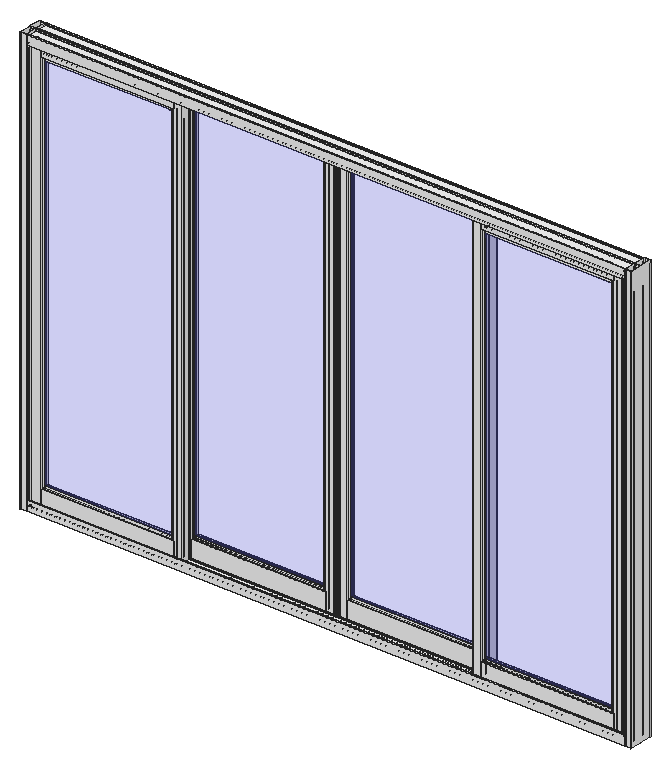
Revit family "Palace_Multi_OXXO_Custom", category Doors, host Wall, Revit 2014
Parameters (values of type "Palace_OXXO_Custom")
  Windload Design = if(Custom Windload < 1001 mm, 1000 mm, if(Custom Windload < 1501 mm, 1500 mm, 2000 mm))  # 1000 mm
  Width Sash Side [instance] = 750.5 mm
  Width Sash Middle [instance] = 750.5 mm
  Width = if(Custom Door Width < Limit Door Width Min, Limit Door Width Min, if(Custom Door Width > Limit Door Width Max, Limit Door Width Max, Custom Door Width))  # 2990 mm
  Wall Thickness [instance] = 200 mm
  URL = "http://www.crealco.co.za/crealco-products.php"
  Model = "Palace"  # constant formula
  Manufacturer = "Crealco"  # constant formula
  Description = "High performance sliding door, OXXO custom"  # constant formula
  Custom U Value [instance] = 0
  Thermal Resistance (R) [instance] = if(and(Custom U Value > 0.5678, 1 / Custom U Value < 36.9087), Custom U Value, if(not(Custom U Value > 0.5678), 1 / 0.5679, 1 / 36.9086)) * 1.0000 (m²·K)/W  # 1.76087 (m²·K)/W
  Solar Heat Gain Coefficient [instance] = if(and(not(Custom SHGC Value < 0), not(Custom SHGC Value > 1)), Custom SHGC Value, if(Custom U Value < 0, 0, 1))  # 0
  Single Glazing [instance] = not(Double Glazing)  # yes
  Sash Width Middle = (Width - (Sash Side Gap * 2) - (2 * Sash Width Sides)) / 2 + 39 mm  # 750.5 mm
  Sash Width Sides = if(Equal Sash Width, (Width - (2 * Sash Side Gap)) / 4 + (39 mm / 2), if(Custom Sash Width Side < Limit Sash Width Side Min, Limit Sash Width Side Min, if(Custom Sash Width Side > Limit Sash Width Side Max, Limit Sash Width Side Max, Custom Sash Width Side)))  # 750.5 mm
  Sash Sliding Frame Front Back Gap = 9.5 mm  # constant formula
  Sash Height = Height - Sash Bottom Gap - Sash Top Gap  # 2031 mm
  Sash Top Gap = 28 mm  # constant formula
  Sash Side Gap = 33 mm  # constant formula
  Sash Frame Seal = 2.7 mm  # constant formula
  Sash Bottom Gap = 31 mm  # constant formula
  Overall Width [instance] = 2990 mm
  Overall Height [instance] = 2090 mm
  Meeting Stile Configuration = if(Windload Design = 1000 mm, if(and(not(Width > 3590 mm), not(Height > 2090 mm)), 0 mm, 1 mm), if(Windload Design = 1500 mm, 1 mm, 1 mm))  # 0 mm
  Max System DG Unit Thickness = 25 mm  # constant formula
  Max System DG One Piece Thickness = rounddown((Max System DG Unit Thickness - DG Air Gap Thickness) / 2 mm) * 1 mm  # 6 mm
  Max Pane Area = if(Area Middle Sash Glazing > Area Side Sash Glazing, Area Middle Sash Glazing, Area Side Sash Glazing)  # 1.20798 m²
  Limit Door Width Min = (4 * Limit Sash Width Min) + (2 * Sash Side Gap) - (2 * 39 mm)  # 1188 mm
  Limit Door Width Max = if(Windload Design = 1000 mm, 5990 mm, if(Windload Design = 1500 mm, 5990 mm, if(Height > 2090 mm, 4790 mm, 5990 mm)))  # 5990 mm
  Limit Door Height Min = Limit Sash Height Min + Sash Top Gap + Sash Bottom Gap  # 359 mm
  Limit Door Height Max = 2390 mm  # constant formula
  Limit Sash Width Min = 300 mm  # constant formula
  Limit Sash Width Max = 1500 mm  # constant formula
  Limit Sash Width Side Min = if((Width - (2 * Sash Side Gap) - (2 * Limit Sash Width Max) + (2 * 39 mm)) / 2 < Limit Sash Width Min, Limit Sash Width Min, (Width - (Sash Side Gap * 2) - (2 * Limit Sash Width Max) + (2 * 39 mm)) / 2)  # 300 mm
  Limit Sash Width Side Max = if((Width - (2 * Sash Side Gap) - (2 * Limit Sash Width Min) + (2 * 39 mm)) / 2 > Limit Sash Width Max, Limit Sash Width Max, (Width - (Sash Side Gap * 2) - (2 * Limit Sash Width Min) + (2 mm * 39)) / 2)  # 1201 mm
  Limit Sash Height Min = 300 mm  # constant formula
  Limit Sash Height Max = 2400 mm  # constant formula
  Custom SHGC Value [instance] = 0
  Interlock Configuration = if(Windload Design = 1000 mm, if(and(not(Width > 3590 mm), not(Height > 2090 mm)), 0 mm, 1 mm), if(Windload Design = 1500 mm, 1 mm, 1 mm))  # 0 mm
  IGDB or SAGDB Number [instance] = 0
  Height Sash [instance] = 2031 mm
  Height = if(Custom Door Height < Limit Door Height Min, Limit Door Height Min, if(Custom Door Height > Limit Door Height Max, Limit Door Height Max, Custom Door Height))  # 2090 mm
  Heat Transfer Coefficient (U) [instance] = if(and(Custom U Value > 0.5678, Custom U Value < 36.9087), Custom U Value, if(not(Custom U Value > 0.5678), 0.5679, 36.9086)) * 1.0000 W/(m²·K)  # 0.5679 W/(m²·K)
  Glazing Thickness DG [instance] = if(IGDB or SAGDB Number = 105003, 6 mm, if(IGDB or SAGDB Number = 105004, 7 mm, if(DG Thickness Calc > Max System DG One Piece Thickness, Max System DG One Piece Thickness, DG Thickness Calc)))  # 6 mm
  Glazing Thickness SG [instance] = if(IGDB or SAGDB Number = 1000016, 5 mm, if(IGDB or SAGDB Number = 100100, 6 mm, if(IGDB or SAGDB Number = 103200, 7 mm, if(not(Max Pane Area > 0.75 m²), 4 mm, if(not(Max Pane Area > 1.50 m²), 4 mm, if(not(Max Pane Area > 2.10 m²), 5 mm, if(not(Max Pane Area > 2.90 m²), 6.4 mm, if(not(Max Pane Area > 4.30 m²), 8 mm, 10 mm))))))))  # 4 mm
  Glazing Material [instance] = if(IGDB or SAGDB Number = 1000016, "PFG TOUGHENED SAFETY GLASS 5mm", if(IGDB or SAGDB Number = 100100, "PFG INTRUDERPRUFE 6.38mm", if(IGDB or SAGDB Number = 103200, "PFG INTRUDERPRUFE LOW-E 7.38mm", if(IGDB or SAGDB Number = 105003, "PFG 25mm INTRUDERPRUFE INSULATED GLASS", if(IGDB or SAGDB Number = 105004, "PFG 25mm INTRUDERPRUFE INSULATED GLASS LOW-E", "Unknown")))))  # "Unknown"
  Glazing Finish [instance] = Glass
  Glazing Code [instance] = if(IGDB or SAGDB Number = 1000016, "TSG5", if(IGDB or SAGDB Number = 100100, "LAM01", if(IGDB or SAGDB Number = 103200, "LAM01E", if(IGDB or SAGDB Number = 105003, "IGU25", if(IGDB or SAGDB Number = 105004, "IGU25E", "Unknown")))))  # "Unknown"
  Frame Thickness = 118 mm  # constant formula
  Frame Offset From Exterior [instance] = if(Centered In Wall, (Wall Thickness - Frame Thickness) / 2, Custom Frame Offset From Exterior)  # 41 mm
  Equal Sash Width = yes
  Double Glazing Gasket Material = Double Glazing Gasket Material
  Double Glazing [instance] = no
  Default Sill Height = 0 mm  # constant formula
  Wall Closure = By host
  DG Thickness Calc = if(not(Max Pane Area > 1.125 m²), 6 mm, if(not(Max Pane Area > 2.25 m²), 6 mm, if(not(Max Pane Area > 3.15 m²), 6 mm, if(not(Max Pane Area > 4.35 m²), 6 mm, if(not(Max Pane Area > 6.45 m²), 8 mm, 10 mm)))))  # 6 mm
  DG Air Gap Thickness = 12 mm  # constant formula
  Custom Door Width = 2990 mm
  Custom Door Height = 2090 mm
  Custom Windload = 1000 mm
  Custom Sash Width Side = 800 mm
  Custom Frame Offset From Exterior = 0 mm
  Centered In Wall = yes
  Area Middle Sash Glazing = (Sash Width Middle - 65 mm - 45 mm) * (Sash Height - 90 mm - 55 mm)  # 1.20798 m²
  Area Side Sash Glazing = (Sash Width Sides - 65 mm - 45 mm) * (Sash Height - 90 mm - 55 mm)  # 1.20798 m²
  Aluminium Finish [instance] = White Powder Coated Aluminium ANP 1052
  All Available Glazing Numbers [instance] = "The rows below list the available glazing materials for this window:"  # constant formula
  105004 [instance] = "IGU25E"  # constant formula
  105003 [instance] = "IGU25"  # constant formula
  103200 [instance] = "LAM01E"  # constant formula
  100100 [instance] = "LAM01"  # constant formula
  1000016 [instance] = "TSG5"  # constant formula
Reference planes
  plane 1 "Center (Front/Back)": y = 0
  plane 2 "Center (Left/Right)": x = 0
  plane 3 "Left": x = -1495
  plane 4 "Right": x = 1495
  plane 5 "Sill": z = 0
  plane 6 "Head": z = 2090
  plane 7 "Exterior": y = 100
  plane 8 "Interior": y = -100
Lines and regions (mm)
  Opening 1
    outline origin (3500, -100, 0) x (1, 0, 0) y (0, 0, 1)
      loop
        line (-2005, 0) -> (-2005, 2090) -> (-4995, 2090) -> (-4995, 0) -> (-2005, 0)
Text (mm)
  text "EXTERIOR" at (-1963.203, 1332.353, 0), in view "Ref. Level"
  text "INTERIOR" at (-1981.466, -818.386, 0), in view "Ref. Level"
  text "Exterior" at (0, 923.751, 2943.296), in view "Right"
  text "Exterior" at (0, 1040.484, 2685.409), in view "Left"
Dimensions and locks
  equal spacing: plane 3 "Left", plane 2 "Center (Left/Right)", plane 4 "Right"
  "Width": plane 3 "Left" to plane 4 "Right"
  "Height": plane 5 "Sill" to plane 6 "Head"
  "Default Sill Height": plane 5 "Sill" to level
  locked: plane 7 "Exterior" to host wall at 0
  locked: plane 8 "Interior" to host wall
  "Overall Height": plane 6 "Head" to plane 5 "Sill"
  "Overall Width": plane 3 "Left" to plane 4 "Right"
  "Frame Offset From Exterior": nested 1 to plane 7 "Exterior"
  "Sash Side Gap": plane 3 "Left" to nested 2
  "Sash Frame Seal": nested 2 to nested 1
  "Sash Side Gap": nested 3 to plane 4 "Right"
  "Sash Frame Seal": nested 1 to nested 3
  "Sash Top Gap": nested 2 to plane 6 "Head"
  "Sash Top Gap": nested 3 to plane 6 "Head"
  "Sash Sliding Frame Front Back Gap": nested 4 to nested 1
  "Sash Top Gap": nested 4 to plane 6 "Head"
  "Sash Sliding Frame Front Back Gap": nested 1 to nested 5
  "Width Sash Side": nested 3 to nested 3
  "Height Sash": nested 3 to nested 3
  "Width Sash Middle": nested 5 to nested 5
  aligned and locked: plane 3 "Left" to nested 1
  aligned and locked: plane 6 "Head" to nested 1
  aligned and locked: nested 4 to nested 3
  aligned and locked: nested 5 to nested 2
Automatic sketch dimensions
  plane 3 "Left" to Opening 1 sketch curve = 0 mm
  plane 4 "Right" to Opening 1 sketch curve = 0 mm
  Opening 1 sketch curve to plane 5 "Sill" = 0 mm
  Opening 1 sketch curve to plane 6 "Head" = 0 mm
Nested families
  nested 1: "Palace_Frame_Palace_OXXO_Cust" at (-1503.868, -56.684, -7.5), Profile Material <- "Aluminium Finish", Width <- "Width", Height <- "Height", type "Palace_Frame_Palace_OXXO_Cust"
    with Width 2990 mm, Profile Material White Powder Coated Aluminium ANP 1052, Length Jamb Adaptor 1995 mm, Length Jamb 2090 mm, Length Head & Sill 2930 mm, Length Floor Track 2930 mm, Height 2090 mm
  nested 2: "Palace_Sash_Fixed_Palace_OXXO_Cust" at (-711.5, -5.5, 31), Profile Material <- "Aluminium Finish", Glazing Material <- "Glazing Finish", Double Glazing Gasket Material <- "Double Glazing Gasket Material", Interlock Configuration <- "Interlock Configuration", Sash Width <- "Sash Width Sides", Sash Height <- "Sash Height", Glazing Thickness DG <- "Glazing Thickness DG", Glazing Thickness SG <- "Glazing Thickness SG", DG Gasket Thickness <- "DG Air Gap Thickness", Double Glazing <- "Double Glazing", type "Palace_Sash_Fixed_Palace_OXXO_Cust"
    with Standard Interlocker yes, Single Glazing yes, Sash Width 750.5 mm, Sash Height 2031 mm, SG Exterior Offset 27.85 mm, Right Sliding no, Profile Material White Powder Coated Aluminium ANP 1052, Length Sash Head & Sill 650.5 mm, Length Jamb 2031 mm, Left Sliding no, Is Sliding no, Interlock Configuration 0 mm, Heavy Duty Interlock no, Glazing Width 640.5 mm, Glazing Thickness SG 4 mm, Glazing Thickness DG 6 mm, Glazing Material Glass, Glazing Height 1886 mm, Double Glazing Gasket Material Double Glazing Gasket Material, Double Glazing no, DG Gasket Thickness 12 mm, DG Exterior Offset 9.9 mm, Bead Width 650.5 mm, Bead Height 1896 mm
  nested 3: "Palace_Sash_Fixed_Palace_OXXO_Cust" at (711.5, -5.5, 31) x (-1, 0, 0) z (0, 0, 1), Profile Material <- "Aluminium Finish", Glazing Material <- "Glazing Finish", Double Glazing Gasket Material <- "Double Glazing Gasket Material", Interlock Configuration <- "Interlock Configuration", Sash Width <- "Sash Width Sides", Sash Height <- "Sash Height", Glazing Thickness DG <- "Glazing Thickness DG", Glazing Thickness SG <- "Glazing Thickness SG", DG Gasket Thickness <- "DG Air Gap Thickness", Double Glazing <- "Double Glazing", type "Palace_Sash_Fixed_Palace_OXXO_Cust"
    with Standard Interlocker yes, Single Glazing yes, Sash Width 750.5 mm, Sash Height 2031 mm, SG Exterior Offset 27.85 mm, Right Sliding no, Profile Material White Powder Coated Aluminium ANP 1052, Length Sash Head & Sill 650.5 mm, Length Jamb 2031 mm, Left Sliding no, Is Sliding no, Interlock Configuration 0 mm, Heavy Duty Interlock no, Glazing Width 640.5 mm, Glazing Thickness SG 4 mm, Glazing Thickness DG 6 mm, Glazing Material Glass, Glazing Height 1886 mm, Double Glazing Gasket Material Double Glazing Gasket Material, Double Glazing no, DG Gasket Thickness 12 mm, DG Exterior Offset 9.9 mm, Bead Width 650.5 mm, Bead Height 1896 mm
  nested 4: "Palace_Sash_Meeting_Palace_OXXO_Cust" at (751.5, 49.5, 31), Profile Material <- "Aluminium Finish", Glazing Material <- "Glazing Finish", Double Glazing Gasket Material <- "Double Glazing Gasket Material", Interlock Configuration <- "Interlock Configuration", Sash Width <- "Sash Width Middle", Sash Height <- "Sash Height", Glazing Thickness DG <- "Glazing Thickness DG", Glazing Thickness SG <- "Glazing Thickness SG", DG Gasket Thickness <- "DG Air Gap Thickness", Meeting Stile Configuration <- "Meeting Stile Configuration", Double Glazing <- "Double Glazing", type "Palace_Sash_Meeting_Palace_OXXO_Cust"
    with Standard Interlocker yes, Standard Astragal yes, Single Glazing yes, Sash Width 750.5 mm, Sash Height 2031 mm, SG Exterior Offset 27.85 mm, Right Sliding yes, Profile Material White Powder Coated Aluminium ANP 1052, Meeting Stile Configuration 0 mm, Length Sash Head & Sill 660.5 mm, Length Jamb & Interlocker 2031 mm, Left Sliding no, Is Sliding yes, Interlock Configuration 0 mm, Heavy Duty Interlock no, Heavy Duty Astragal no, Has Astragal yes, Glazing Width 650.5 mm, Glazing Thickness SG 4 mm, Glazing Thickness DG 6 mm, Glazing Material Glass, Glazing Height 1886 mm, Double Glazing Gasket Material Double Glazing Gasket Material, Double Glazing no, DG Gasket Thickness 12 mm, DG Exterior Offset 9.9 mm, Bead Width 660.5 mm, Bead Height 1896 mm
  nested 5: "Palace_Sash_Meeting_Palace_OXXO_Cust" at (-751.5, 49.5, 31) x (-1, 0, 0) z (0, 0, 1), Profile Material <- "Aluminium Finish", Glazing Material <- "Glazing Finish", Double Glazing Gasket Material <- "Double Glazing Gasket Material", Interlock Configuration <- "Interlock Configuration", Sash Width <- "Sash Width Middle", Sash Height <- "Sash Height", Glazing Thickness DG <- "Glazing Thickness DG", Glazing Thickness SG <- "Glazing Thickness SG", DG Gasket Thickness <- "DG Air Gap Thickness", Meeting Stile Configuration <- "Meeting Stile Configuration", Double Glazing <- "Double Glazing", type "Palace_Sash_Meeting_Palace_OXXO_Cust"
    with Standard Interlocker yes, Standard Astragal no, Single Glazing yes, Sash Width 750.5 mm, Sash Height 2031 mm, SG Exterior Offset 27.85 mm, Right Sliding yes, Profile Material White Powder Coated Aluminium ANP 1052, Meeting Stile Configuration 0 mm, Length Sash Head & Sill 660.5 mm, Length Jamb & Interlocker 2031 mm, Left Sliding no, Is Sliding yes, Interlock Configuration 0 mm, Heavy Duty Interlock no, Heavy Duty Astragal no, Has Astragal no, Glazing Width 650.5 mm, Glazing Thickness SG 4 mm, Glazing Thickness DG 6 mm, Glazing Material Glass, Glazing Height 1886 mm, Double Glazing Gasket Material Double Glazing Gasket Material, Double Glazing no, DG Gasket Thickness 12 mm, DG Exterior Offset 9.9 mm, Bead Width 660.5 mm, Bead Height 1896 mm
  nested 6: "Single_Glazing_Palace_OXXO_Cust" at (-1397, -37.35, 121) x (-1, 0, 0) z (0, 0, 1), type "Single_Glazing_Palace_OXXO_Cust"
    with Right Sliding no, Length Arrow Tip 54.535 mm, Length Arrow 179.967 mm, Left Sliding no, Is Sliding no, Glazing Width 640.5 mm, Glazing Thickness SG 4 mm, Glazing Material Glass, Glazing Height 1886 mm, Double Glazing Gasket Material Double Glazing Gasket Material, Arrow Tip Length 54.535 mm, Arrow Left Gap 230.267 mm, Arrow Bottom Gap 943 mm
  nested 7: "Single_Glazing_Palace_OXXO_Cust" at (1397, -37.35, 121), type "Single_Glazing_Palace_OXXO_Cust"
    with Right Sliding no, Length Arrow Tip 54.535 mm, Length Arrow 179.967 mm, Left Sliding no, Is Sliding no, Glazing Width 640.5 mm, Glazing Thickness SG 4 mm, Glazing Material Glass, Glazing Height 1886 mm, Double Glazing Gasket Material Double Glazing Gasket Material, Arrow Tip Length 54.535 mm, Arrow Left Gap 230.267 mm, Arrow Bottom Gap 943 mm
  nested 8: "Single_Glazing_Palace_OXXO_Cust" at (56, 17.65, 121) x (-1, 0, 0) z (0, 0, 1), type "Single_Glazing_Palace_OXXO_Cust"
    with Right Sliding yes, Length Arrow Tip 55.545 mm, Length Arrow 183.3 mm, Left Sliding no, Is Sliding yes, Glazing Width 650.5 mm, Glazing Thickness SG 4 mm, Glazing Material Glass, Glazing Height 1886 mm, Double Glazing Gasket Material Double Glazing Gasket Material, Arrow Tip Length 55.545 mm, Arrow Left Gap 233.6 mm, Arrow Bottom Gap 943 mm
  nested 9: "Single_Glazing_Palace_OXXO_Cust" at (-56, 17.65, 121), type "Single_Glazing_Palace_OXXO_Cust"
    with Right Sliding yes, Length Arrow Tip 55.545 mm, Length Arrow 183.3 mm, Left Sliding no, Is Sliding yes, Glazing Width 650.5 mm, Glazing Thickness SG 4 mm, Glazing Material Glass, Glazing Height 1886 mm, Double Glazing Gasket Material Double Glazing Gasket Material, Arrow Tip Length 55.545 mm, Arrow Left Gap 233.6 mm, Arrow Bottom Gap 943 mm
Definition of nested family "Palace_Frame_Palace_OXXO_Cust"
  Parameters (values of type "Palace_Frame_OXXO")
    Width [instance] = 900 mm
    Profile Material [instance] = none
    Length Jamb Adaptor [instance] = Height - Jamb Adaptor Top Gap - Jamb Adaptor Bottom Gap  # 505 mm
    Length Jamb [instance] = Height  # 600 mm
    Length Head & Sill [instance] = Width - (2 * Jamb Thickness)  # 840 mm
    Length Floor Track [instance] = Width - (2 * Jamb Thickness)  # 840 mm
    Jamb Thickness = 30 mm  # constant formula
    Jamb Adaptor Top Gap = 45 mm  # constant formula
    Jamb Adaptor Bottom Gap = 50 mm  # constant formula
    Height [instance] = 600 mm
  Reference planes
    plane 1 "Center (Front/Back)": y = 0
    plane 2: z = 0
    plane 3 "Center (Left/Right)": x = 0
  Dimensions and locks
    nested 7 to plane 3 "Center (Left/Right)" = 38.869 mm
    aligned and locked: level to plane 2
    aligned and locked: nested 2 to nested 6
    aligned and locked: nested 5 to nested 1  (x2)
    aligned and locked: nested 3 to nested 1  (x2)
    aligned and locked: nested 2 to nested 3  (x2)
    aligned and locked: nested 3 to nested 2
    aligned and locked: nested 4 to nested 1  (x3)
    aligned and locked: nested 1 to nested 3
    aligned and locked: nested 7 to nested 3  (x2)
    aligned and locked: nested 3 to nested 8
    aligned and locked: nested 8 to nested 3  (x2)
    aligned and locked: nested 3 to nested 7
    aligned and locked: nested 5 to nested 4
    aligned and locked: nested 6 to nested 4
    aligned and locked: nested 6 to nested 2
  Nested families
    nested 1: "Palace_Double_Box_Jamb" at (1.053, -8.811, 7.5), Length Jamb <- "Length Jamb", Profile Material <- "Profile Material", type "Palace_Double_Box_Jamb"
      with Profile Material none, Length Jamb 600 mm
    nested 2: "Palace_Double_Box_Jamb" at (916.684, -8.811, 7.5) x (-1, 0, 0) z (0, 0, 1), Length Jamb <- "Length Jamb", Profile Material <- "Profile Material", type "Palace_Double_Box_Jamb"
      with Profile Material none, Length Jamb 600 mm
    nested 3: "Palace_Double_Sill_Rail" at (38.869, -45.047, -36.227), Length Sill <- "Length Head & Sill", Profile Material <- "Profile Material", type "Palace_Double_Sill_Rail"
      with Profile Material none, Length Sill 840 mm
    nested 4: "Palace_Double_Head_Rail" at (38.869, -51.007, 18.108), Length Head <- "Length Head & Sill", Profile Material <- "Profile Material", type "Palace_Double_Head_Rail"
      with Profile Material none, Length Head 840 mm
    nested 5: "Palace_Jamb_Adpator" at (33.82, -10.517, 57.5), Length Jamb Adaptor <- "Length Jamb Adaptor", Profile Material <- "Profile Material", type "Palace_Jamb_Adpator"
      with Profile Material none, Length Jamb Adaptor 505 mm
    nested 6: "Palace_Jamb_Adpator" at (883.918, -10.517, 57.5) x (-1, 0, 0) z (0, 0, 1), Length Jamb Adaptor <- "Length Jamb Adaptor", Profile Material <- "Profile Material", type "Palace_Jamb_Adpator"
      with Profile Material none, Length Jamb Adaptor 505 mm
    nested 7: "Palace_Floor_Track" at (38.869, 11.493, 18.85), Profile Material <- "Profile Material", Length Floor Track <- "Length Floor Track", type "Palace_Floor_Track"
      with Profile Material none, Length Floor Track 840 mm
    nested 8: "Palace_Floor_Track" at (38.869, 101.375, 18.85), Profile Material <- "Profile Material", Length Floor Track <- "Length Floor Track", type "Palace_Floor_Track"
      with Profile Material none, Length Floor Track 840 mm
  Definition of nested family "Palace_Double_Box_Jamb"
    Parameters (values of type "Palace_Double_Box_Jamb")
      Profile Material [instance] = none
      Length Jamb [instance] = 250 mm
    Reference planes
      plane 1 "Center (Front/Back)": y = 0
      plane 2: z = 0
      plane 3 "Center (Left/Right)": x = 0
    Forms (mm)
      Extrusion 1, solid, material <- "Profile Material"
        sketch origin (0, 0, 0) x (1, 0, 0) y (0, 1, 0)
          loop
            line (35.815, 71.242) -> (35.815, 114.749)
            arc (35.815, 114.749) -> (35.945, 115.42) -> (36.315, 115.994) r 1.8
            line (36.315, 115.994) -> (36.315, 122.995) -> (9.315, 122.995) -> (9.315, 66.195) -> (36.315, 66.195) -> (36.315, 69.997)
            arc (36.315, 69.997) -> (35.945, 70.571) -> (35.815, 71.242) r 1.8
          loop
            line (8.815, 6.495) -> (38.815, 6.495) -> (38.815, 7.495) -> (37.816, 7.495) -> (37.816, 15.287) -> (37.315, 16.242) -> (37.315, 59.822) -> (37.815, 60.775) -> (37.815, 70.288) -> (37.315, 71.242) -> (37.315, 114.822) -> (37.815, 115.775) -> (37.815, 123.495) -> (38.815, 123.495) -> (38.815, 124.495) -> (8.815, 124.495)
            arc (8.815, 124.495) -> (8.108, 124.202) -> (7.815, 123.495) r 1
            line (7.815, 123.495) -> (7.815, 7.495)
            arc (7.815, 7.495) -> (8.108, 6.788) -> (8.815, 6.495) r 1
          loop
            line (36.315, 60.994) -> (36.315, 64.795) -> (9.315, 64.795) -> (9.315, 7.995) -> (36.317, 7.995) -> (36.317, 14.995)
            arc (36.317, 14.995) -> (35.945, 15.569) -> (35.815, 16.242) r 1.8
            line (35.815, 16.242) -> (35.815, 59.749)
            arc (35.815, 59.749) -> (35.945, 60.42) -> (36.315, 60.994) r 1.8
        from 0 to 250 <- "Length Jamb"
    Dimensions and locks
      aligned and locked: level to plane 2
  Definition of nested family "Palace_Double_Sill_Rail"
    Parameters (values of type "Palace_Double_Sill_Rail")
      Profile Material [instance] = none
      Length Sill [instance] = 250 mm
    Reference planes
      plane 1 "Center (Front/Back)": y = 0
      plane 2: z = 0
      plane 3 "Center (Left/Right)": x = 0
    Forms (mm)
      Extrusion 1, solid, material <- "Profile Material"
        sketch origin (0, 0, 0) x (0, 1, 0) y (0, 0, 1)
          loop
            arc (48.531, 91.477) -> (49.031, 90.977) -> (49.531, 91.477) r 0.5
            line (49.531, 91.477) -> (49.531, 93.727) -> (43.731, 93.727) -> (43.731, 43.727) -> (49.531, 43.727) -> (49.531, 45.127) -> (45.531, 45.127) -> (45.531, 64.882)
            arc (45.531, 64.882) -> (45.842, 65.607) -> (46.583, 65.88) r 1
            line (46.583, 65.88) -> (57.096, 65.329)
            arc (57.096, 65.329) -> (58.577, 64.647) -> (59.181, 63.132) r 2.2
            line (59.181, 63.132) -> (59.181, 60.472)
            arc (59.181, 60.472) -> (59.796, 58.987) -> (61.281, 58.372) r 2.1
            line (61.281, 58.372) -> (83.695, 58.372)
            arc (83.695, 58.372) -> (84.71, 57.86) -> (85.831, 57.672) r 3.787
            line (85.831, 57.672) -> (87.581, 57.672)
            arc (87.581, 57.672) -> (89.961, 58.613) -> (91.165, 60.872) r 3.711
            line (91.165, 60.872) -> (100.931, 60.872) -> (100.931, 45.137) -> (98.931, 45.137) -> (98.931, 43.737) -> (104.531, 43.737) -> (104.531, 45.137) -> (102.531, 45.137) -> (102.531, 60.872) -> (114.181, 60.872) -> (114.181, 58.372) -> (138.695, 58.372)
            arc (138.695, 58.372) -> (139.71, 57.86) -> (140.831, 57.672) r 3.787
            line (140.831, 57.672) -> (142.581, 57.672)
            arc (142.581, 57.672) -> (144.881, 58.544) -> (146.13, 60.663) r 3.711
            line (146.13, 60.663) -> (157.931, 60.045) -> (157.931, 45.127) -> (153.931, 45.127) -> (153.931, 43.727) -> (159.731, 43.727) -> (159.731, 59.57)
            arc (159.731, 59.57) -> (159.099, 61.154) -> (157.551, 61.867) r 2.3
            line (157.551, 61.867) -> (142.481, 62.657) -> (142.481, 61.672) -> (144.38, 61.337)
            arc (144.38, 61.337) -> (143.876, 60.022) -> (142.581, 59.472) r 1.8
            line (142.581, 59.472) -> (140.831, 59.472)
            arc (140.831, 59.472) -> (140.037, 59.656) -> (139.406, 60.172) r 1.8
            line (139.406, 60.172) -> (115.981, 60.172) -> (115.981, 62.672) -> (87.481, 62.672) -> (87.481, 61.672) -> (89.38, 61.337)
            arc (89.38, 61.337) -> (88.876, 60.022) -> (87.581, 59.472) r 1.8
            line (87.581, 59.472) -> (85.831, 59.472)
            arc (85.831, 59.472) -> (85.037, 59.656) -> (84.406, 60.172) r 1.8
            line (84.406, 60.172) -> (60.981, 60.172) -> (60.981, 63.132)
            arc (60.981, 63.132) -> (59.882, 65.886) -> (57.19, 67.127) r 4
            line (57.19, 67.127) -> (46.478, 67.688)
            arc (46.478, 67.688) -> (45.805, 67.999) -> (45.531, 68.687) r 1
            line (45.531, 68.687) -> (45.531, 83.727) -> (49.531, 83.727) -> (49.531, 85.977)
            arc (49.531, 85.977) -> (49.031, 86.477) -> (48.531, 85.977) r 0.5
            line (48.531, 85.977) -> (48.531, 84.977) -> (47.331, 84.977) -> (47.331, 86.477) -> (45.731, 86.477) -> (45.731, 90.977) -> (47.331, 90.977) -> (47.331, 92.477) -> (48.531, 92.477) -> (48.531, 91.477)
        from 0 to 250 <- "Length Sill"
    Dimensions and locks
      aligned and locked: level to plane 2
  Definition of nested family "Palace_Double_Head_Rail"
    Parameters (values of type "Palace_Double_Head_Rail")
      Profile Material [instance] = none
      Length Head [instance] = 250 mm
    Reference planes
      plane 1 "Center (Front/Back)": y = 0
      plane 2: z = 0
      plane 3 "Center (Left/Right)": x = 0
    Forms (mm)
      Extrusion 1, solid, material <- "Profile Material"
        sketch origin (0, 0, 0) x (0, 1, 0) y (0, 0, 1)
          loop
            arc (51.891, 581.192) -> (51.467, 581.368) -> (51.291, 581.792) r 0.6
            line (51.291, 581.792) -> (51.291, 587.392)
            arc (51.291, 587.392) -> (51.467, 587.816) -> (51.891, 587.992) r 0.6
            line (51.891, 587.992) -> (55.491, 587.992) -> (55.491, 589.392) -> (49.691, 589.392) -> (49.691, 544.392) -> (55.491, 544.392) -> (55.491, 546.642)
            arc (55.491, 546.642) -> (54.991, 547.142) -> (54.491, 546.642) r 0.5
            line (54.491, 546.642) -> (54.491, 545.642) -> (53.291, 545.642) -> (53.291, 547.142) -> (51.691, 547.142) -> (51.691, 551.642) -> (53.291, 551.642) -> (53.291, 553.142) -> (54.491, 553.142) -> (54.491, 552.142)
            arc (54.491, 552.142) -> (54.991, 551.642) -> (55.491, 552.142) r 0.5
            line (55.491, 552.142) -> (55.491, 554.392) -> (51.491, 554.392) -> (51.491, 579.392) -> (106.791, 579.392) -> (106.791, 554.392) -> (104.891, 554.392) -> (104.891, 552.142)
            arc (104.891, 552.142) -> (105.391, 551.642) -> (105.891, 552.142) r 0.5
            line (105.891, 552.142) -> (105.891, 553.142) -> (107.091, 553.142) -> (107.091, 545.642) -> (105.891, 545.642) -> (105.891, 546.642)
            arc (105.891, 546.642) -> (105.391, 547.142) -> (104.891, 546.642) r 0.5
            line (104.891, 546.642) -> (104.891, 544.392) -> (110.491, 544.392) -> (110.491, 546.642)
            arc (110.491, 546.642) -> (109.991, 547.142) -> (109.491, 546.642) r 0.5
            line (109.491, 546.642) -> (109.491, 545.642) -> (108.291, 545.642) -> (108.291, 553.142) -> (109.491, 553.142) -> (109.491, 552.142)
            arc (109.491, 552.142) -> (109.991, 551.642) -> (110.491, 552.142) r 0.5
            line (110.491, 552.142) -> (110.491, 554.392) -> (108.591, 554.392) -> (108.591, 579.392) -> (163.891, 579.392) -> (163.891, 554.392) -> (159.891, 554.392) -> (159.891, 552.142)
            arc (159.891, 552.142) -> (160.391, 551.642) -> (160.891, 552.142) r 0.5
            line (160.891, 552.142) -> (160.891, 553.142) -> (162.091, 553.142) -> (162.091, 551.642) -> (163.691, 551.642) -> (163.691, 547.142) -> (162.091, 547.142) -> (162.091, 545.642) -> (160.891, 545.642) -> (160.891, 546.642)
            arc (160.891, 546.642) -> (160.391, 547.142) -> (159.891, 546.642) r 0.5
            line (159.891, 546.642) -> (159.891, 544.392) -> (165.691, 544.392) -> (165.691, 589.392) -> (159.891, 589.392) -> (159.891, 587.992) -> (163.491, 587.992)
            arc (163.491, 587.992) -> (163.915, 587.816) -> (164.091, 587.392) r 0.6
            line (164.091, 587.392) -> (164.091, 581.792)
            arc (164.091, 581.792) -> (163.915, 581.368) -> (163.491, 581.192) r 0.6
            line (163.491, 581.192) -> (108.491, 581.192) -> (108.491, 587.992) -> (110.491, 587.992) -> (110.491, 589.392) -> (104.891, 589.392) -> (104.891, 587.992) -> (106.891, 587.992) -> (106.891, 581.192) -> (51.891, 581.192)
        from 0 to 250 <- "Length Head"
    Dimensions and locks
      aligned and locked: level to plane 2
  Definition of nested family "Palace_Jamb_Adpator"
    Parameters (values of type "Palace_Jamb_Adpator")
      Profile Material [instance] = none
      Length Jamb Adaptor [instance] = 250 mm
    Reference planes
      plane 1 "Center (Front/Back)": y = 0
      plane 2: z = 0
      plane 3 "Center (Left/Right)": x = 0
    Forms (mm)
      Extrusion 1, solid, material <- "Profile Material"
        sketch origin (0, 0, 0) x (1, 0, 0) y (0, 1, 0)
          loop
            line (12.699, 15.001) -> (10.449, 15.001) -> (10.449, 10.801) -> (6.449, 10.801) -> (6.449, 68.601) -> (10.449, 68.601) -> (10.449, 64.401) -> (12.699, 64.401)
            arc (12.699, 64.401) -> (13.199, 64.901) -> (12.699, 65.401) r 0.5
            line (12.699, 65.401) -> (11.699, 65.401) -> (11.699, 66.601) -> (13.199, 66.601) -> (13.199, 68.201) -> (17.699, 68.201) -> (17.699, 66.601) -> (19.199, 66.601) -> (19.199, 65.401) -> (18.199, 65.401)
            arc (18.199, 65.401) -> (17.699, 64.901) -> (18.199, 64.401) r 0.5
            line (18.199, 64.401) -> (20.449, 64.401) -> (20.449, 70.201) -> (5.049, 70.201) -> (5.049, 62.201) -> (4.589, 61.255) -> (4.589, 17.997) -> (5.049, 17.201) -> (5.049, 9.201) -> (20.449, 9.201) -> (20.449, 15.001) -> (18.199, 15.001)
            arc (18.199, 15.001) -> (17.699, 14.501) -> (18.199, 14.001) r 0.5
            line (18.199, 14.001) -> (19.199, 14.001) -> (19.199, 12.801) -> (17.699, 12.801) -> (17.699, 11.201) -> (13.199, 11.201) -> (13.199, 12.801) -> (11.699, 12.801) -> (11.699, 14.001) -> (12.699, 14.001)
            arc (12.699, 14.001) -> (13.199, 14.501) -> (12.699, 15.001) r 0.5
        from 0 to 250 <- "Length Jamb Adaptor"
    Lines and regions (mm)
      Filled region 1, type "W31590.dwg-1", in view "Ref. Level"
        outline origin (0, 0, 0) x (1, 0, 0) y (0, 1, 0)
          loop
            line (1485.097, 203.54) -> (1485.514, 201.04) -> (1485.931, 203.54) -> (1485.097, 203.54)
      Filled region 2, type "W31590.dwg-1", in view "Ref. Level"
        outline origin (0, 0, 0) x (1, 0, 0) y (0, 1, 0)
          loop
            line (1485.097, 213.94) -> (1485.931, 213.94) -> (1485.514, 216.44) -> (1485.097, 213.94)
      Filled region 3, type "W31590.dwg-1", in view "Ref. Level"
        outline origin (0, 0, 0) x (1, 0, 0) y (0, 1, 0)
          loop
            line (1498.155, 225.975) -> (1495.655, 225.559) -> (1498.155, 225.142) -> (1498.155, 225.975)
      Filled region 4, type "W31590.dwg-1", in view "Ref. Level"
        outline origin (0, 0, 0) x (1, 0, 0) y (0, 1, 0)
          loop
            line (1554.155, 225.975) -> (1554.155, 225.142) -> (1556.655, 225.559) -> (1554.155, 225.975)
    Text (mm)
      text "15.40" at (1483.014, 228.748, 0), in view "Ref. Level"
      text "61.00" at (1526.155, 228.059, 0), in view "Ref. Level"
    Dimensions and locks
      aligned and locked: level to plane 2
  Definition of nested family "Palace_Floor_Track"
    Parameters (values of type "Palace_Floor_Track")
      Profile Material [instance] = none
      Length Floor Track [instance] = 250 mm
    Reference planes
      plane 1 "Center (Front/Back)": y = 0
      plane 2: z = 0
      plane 3 "Center (Left/Right)": x = 0
    Forms (mm)
      Extrusion 1, solid, material <- "Profile Material"
        sketch origin (0, 0, 0) x (0, 1, 0) y (0, 0, 1)
          loop
            line (14.691, 12.348) -> (14.691, 7.595) -> (4.441, 7.595) -> (4.441, 5.095) -> (30.441, 5.095) -> (30.441, 7.595) -> (20.191, 7.595) -> (20.191, 12.348)
            arc (20.191, 12.348) -> (17.441, 15.098) -> (14.691, 12.348) r 2.75
        from 0 to 250 <- "Length Floor Track"
    Dimensions and locks
      aligned and locked: level to plane 2
Definition of nested family "Palace_Sash_Fixed_Palace_OXXO_Cust"
  Parameters (values of type "Palace_Sash_Fixed")
    Standard Interlocker [instance] = if(Interlock Configuration = 0 mm, 1 = 1, 1 = 0)  # no
    Single Glazing [instance] = not(Double Glazing)  # yes
    Sill Height = 85 mm
    SG Exterior Offset [instance] = Back Glazing Pillar Gap - SG Available Space + ((SG Available Space - Glazing Thickness SG) / 2)  # 27.85 mm
    SG Available Space = 12.9 mm  # constant formula
    Length Jamb [instance] = Sash Height  # 900 mm
    Jamb Width = 60 mm  # constant formula
    Heavy Duty Interlock [instance] = if(or(Interlock Configuration = 1 mm, Interlock Configuration = 2 mm), 1 = 1, 1 = 0)  # yes
    Interlocker Width = 40 mm  # constant formula
    Interlock Configuration [instance] = 1 mm
    Sash Width [instance] = 900 mm
    Sash Height [instance] = 900 mm
    Right Sliding [instance] = yes
    Profile Material [instance] = White Powder Coated Aluminium ANP 1052
    Length Sash Head & Sill [instance] = Sash Width - Interlocker Width - Jamb Width  # 800 mm
    Left Sliding [instance] = yes
    Is Sliding [instance] = if(or(Right Sliding, Left Sliding), 1 = 1, 1 = 2)  # yes
    Head Height = 50 mm  # constant formula
    Glazing Width [instance] = Sash Width - Glazing Jamb Gap - Glazing Interlocker Gap  # 790 mm
    Glazing Thickness DG [instance] = 3 mm
    Glazing Thickness SG [instance] = 4 mm
    Glazing Spacer = 5 mm  # constant formula
    Glazing Sill Gap = Sill Height + Glazing Spacer  # 90 mm
    Glazing Material [instance] = Glass
    Glazing Jamb Gap = Jamb Width + Glazing Spacer  # 65 mm
    Glazing Interlocker Gap = Interlocker Width + Glazing Spacer  # 45 mm
    Glazing Height [instance] = Sash Height - Glazing Head Gap - Glazing Sill Gap  # 755 mm
    Glazing Head Gap = Head Height + Glazing Spacer  # 55 mm
    DG Gasket Thickness [instance] = 12 mm
    Double Glazing Gasket Material [instance] = none
    Double Glazing [instance] = no
    DG Exterior Offset [instance] = Back Glazing Pillar Gap - DG Available Space + ((DG Available Space - ((Glazing Thickness DG * 2) + DG Gasket Thickness)) / 2)  # 12.9 mm
    DG Available Space = 28.8 mm  # constant formula
    Bead Width [instance] = Sash Width - Interlocker Width - Jamb Width  # 800 mm
    Bead Height [instance] = Sash Height - Sill Height - Head Height  # 765 mm
    Bead Gap From Exterior = 10.4 mm  # constant formula
    Back Glazing Pillar Gap = 36.3 mm  # constant formula
  Reference planes
    plane 1 "Center (Front/Back)": y = 0
    plane 2: z = 0
    plane 3 "Center (Left/Right)": x = 0
  Dimensions and locks
    "Interlocker Width": nested 3 to plane 3 "Center (Left/Right)"
    "Interlocker Width": nested 4 to plane 3 "Center (Left/Right)"
    "Sash Height": nested 4 to level
    "Interlocker Width": nested 5 to plane 3 "Center (Left/Right)"
    "Sill Height": nested 5 to level
    "Bead Gap From Exterior": nested 5 to plane 1 "Center (Front/Back)"
    "Interlocker Width": nested 6 to plane 3 "Center (Left/Right)"
    "Bead Gap From Exterior": nested 6 to plane 1 "Center (Front/Back)"
    "Sill Height": nested 6 to level
    "Glazing Interlocker Gap": nested 7 to plane 3 "Center (Left/Right)"
    "Glazing Sill Gap": nested 7 to level
    "SG Exterior Offset": nested 7 to plane 1 "Center (Front/Back)"
    "Glazing Interlocker Gap": nested 8 to plane 3 "Center (Left/Right)"
    "DG Exterior Offset": nested 8 to plane 1 "Center (Front/Back)"
    "Glazing Sill Gap": nested 8 to level
    "Sash Width": nested 2 to plane 3 "Center (Left/Right)"
    aligned and locked: level to plane 2
    aligned and locked: nested 1 to plane 1 "Center (Front/Back)"
    aligned and locked: plane 3 "Center (Left/Right)" to nested 1
    aligned and locked: nested 2 to plane 1 "Center (Front/Back)"
    aligned and locked: nested 2 to level
    aligned and locked: nested 1 to level
    aligned and locked: nested 3 to plane 1 "Center (Front/Back)"
    aligned and locked: nested 4 to plane 1 "Center (Front/Back)"
    aligned and locked: nested 3 to level
    aligned and locked: nested 9 to plane 1 "Center (Front/Back)"
    aligned and locked: plane 3 "Center (Left/Right)" to nested 9
    aligned and locked: nested 9 to level
  Nested families
    nested 1: "Palace_Fixed_Interlocker" at (-70.171, -62.024, 0), Profile Material <- "Profile Material", Length Interlocker <- "Length Jamb", visible <- "Standard Interlocker", type "Palace_Fixed_Interlocker"
      with Profile Material White Powder Coated Aluminium ANP 1052, Length Interlocker 900 mm
    nested 2: "Palace_Sash_Jamb" at (-904.68, 15.626, 0) x (0, -1, 0) z (0, 0, 1), Profile Material <- "Profile Material", Length Jamb <- "Length Jamb", type "Palace_Sash_Jamb"
      with Profile Material White Powder Coated Aluminium ANP 1052, Length Jamb 900 mm
    nested 3: "Palace_Sash_Sill" at (-840, -51.791, -7.573), Profile Material <- "Profile Material", Length Sill <- "Length Sash Head & Sill", type "Palace_Sash_Sill"
      with Profile Material White Powder Coated Aluminium ANP 1052, Length Sill 800 mm
    nested 4: "Palace_Sash_Head" at (-840, -69.85, 642.265), Length Head <- "Length Sash Head & Sill", Profile Material <- "Profile Material", type "Palace_Sash_Head"
      with Profile Material White Powder Coated Aluminium ANP 1052, Length Head 800 mm
    nested 5: "Palace_Angled_Glazing_Bead" at (-40, -23.399, 85) x (-1, 0, 0) z (0, 0, 1), Bead Width <- "Bead Width", Bead Height <- "Bead Height", Profile Material <- "Profile Material", visible <- "Single Glazing", type "Palace_Angled_Glazing_Bead"
      with Profile Material White Powder Coated Aluminium ANP 1052, Bead Width 800 mm, Bead Height 765 mm
    nested 6: "Palace_Double_Glazing_Bead" at (-40, -26.3, 85) x (-1, 0, 0) z (0, 0, 1), Bead Width <- "Bead Width", Bead Height <- "Bead Height", Profile Material <- "Profile Material", visible <- "Double Glazing", type "Palace_Double_Glazing_Bead"
      with Profile Material White Powder Coated Aluminium ANP 1052, Bead Width 800 mm, Bead Height 765 mm
    nested 7: "Single_Glazing_Palace_OXXO_Cust" at (-835, -31.85, 90) x (-1, 0, 0) z (0, 0, 1), Right Sliding <- "Right Sliding", Left Sliding <- "Left Sliding", Glazing Width <- "Glazing Width", Glazing Height <- "Glazing Height", Double Glazing Gasket Material <- "Double Glazing Gasket Material", Glazing Material <- "Glazing Material", Glazing Thickness SG <- "Glazing Thickness SG", visible <- "Single Glazing", type "Single_Glazing_Palace_OXXO_Cust"
      with Right Sliding yes, Length Arrow Tip 69.636 mm, Length Arrow 229.8 mm, Left Sliding yes, Is Sliding yes, Glazing Width 790 mm, Glazing Thickness SG 4 mm, Glazing Material Glass, Glazing Height 755 mm, Double Glazing Gasket Material none, Arrow Tip Length 69.636 mm, Arrow Left Gap 280.1 mm, Arrow Bottom Gap 377.5 mm
    nested 8: "Double_Glazing_Palace_OXXO_Cust" at (-835, -30.9, 90) x (-1, 0, 0) z (0, 0, 1), Glazing Width <- "Glazing Width", Glazing Height <- "Glazing Height", Glazing Material <- "Glazing Material", Double Glazing Gasket Material <- "Double Glazing Gasket Material", Double Glazing Gasket Thickness <- "DG Gasket Thickness", Glazing Thickness DG <- "Glazing Thickness DG", visible <- "Double Glazing", Right Sliding <- "Right Sliding", Left Sliding <- "Left Sliding", type "Double_Glazing_Palace_OXXO_Cust"
      with Right Sliding yes, Length Arrow Tip 69.636 mm, Length Arrow 229.8 mm, Left Sliding yes, Is Sliding yes, Glazing Width 790 mm, Glazing Thickness DG 3 mm, Glazing Material Glass, Glazing Height 755 mm, Double Glazing Gasket Thickness 12 mm, Double Glazing Gasket Material none, Arrow Tip Length 69.636 mm, Arrow Left Gap 280.1 mm, Arrow Bottom Gap 377.5 mm
    nested 9: "Palace_Heavy_Duty_Fixed_Interlocker" at (-63.697, -103.267, 0), Length Interlocker <- "Length Jamb", visible <- "Heavy Duty Interlock", type "Palace_Heavy_Duty_Fixed_Interlocker"
      with Length Interlocker 900 mm
  Definition of nested family "Palace_Fixed_Interlocker"
    Parameters (values of type "Palace_Fixed_Interlocker")
      Profile Material [instance] = none
      Length Interlocker [instance] = 250 mm
    Reference planes
      plane 1 "Center (Front/Back)": y = 0
      plane 2: z = 0
      plane 3 "Center (Left/Right)": x = 0
    Forms (mm)
      Extrusion 1, solid, material <- "Profile Material"
        sketch origin (0, 0, 0) x (1, 0, 0) y (0, 1, 0)
          loop
            line (67.671, 64.71) -> (67.671, 62.024) -> (30.171, 62.024) -> (30.171, 52.332)
            arc (30.171, 52.332) -> (30.649, 51.833) -> (31.169, 52.289) r 0.5
            line (31.169, 52.289) -> (31.277, 53.524) -> (32.771, 53.524) -> (32.771, 35.024) -> (31.408, 35.024) -> (31.169, 37.759)
            arc (31.169, 37.759) -> (30.649, 38.214) -> (30.171, 37.715) r 0.5
            line (30.171, 37.715) -> (30.171, 24.824) -> (19.271, 24.824) -> (18.571, 24.424) -> (16.371, 24.424) -> (16.371, 25.724) -> (15.171, 25.724) -> (15.171, 23.024) -> (30.171, 23.024) -> (30.171, 18.024) -> (68.371, 18.024)
            arc (68.371, 18.024) -> (69.643, 18.551) -> (70.171, 19.824) r 1.8
            line (70.171, 19.824) -> (70.171, 62.024) -> (70.171, 69.324)
            arc (70.171, 69.324) -> (69.731, 70.384) -> (68.671, 70.824) r 1.5
            line (68.671, 70.824) -> (67.171, 70.824)
            arc (67.171, 70.824) -> (66.671, 70.324) -> (67.171, 69.824) r 0.5
            line (67.171, 69.824) -> (67.971, 69.824) -> (67.971, 68.624) -> (60.871, 68.624) -> (60.871, 69.824) -> (61.671, 69.824)
            arc (61.671, 69.824) -> (62.171, 70.324) -> (61.671, 70.824) r 0.5
            line (61.671, 70.824) -> (58.671, 70.824) -> (58.071, 70.324) -> (48.771, 70.324)
            arc (48.771, 70.324) -> (48.172, 69.766) -> (48.687, 69.13) r 0.6
            line (48.687, 69.13) -> (65.95, 66.691)
            arc (65.95, 66.691) -> (67.181, 66.022) -> (67.671, 64.71) r 2
          loop
            line (33.171, 33.224) -> (31.971, 33.224) -> (31.971, 19.824) -> (68.371, 19.824) -> (68.371, 60.024) -> (31.971, 60.024) -> (31.971, 55.324) -> (33.171, 55.324)
            arc (33.171, 55.324) -> (34.161, 54.914) -> (34.571, 53.924) r 1.4
            line (34.571, 53.924) -> (34.571, 34.624)
            arc (34.571, 34.624) -> (34.161, 33.634) -> (33.171, 33.224) r 1.4
        from 0 to 250 <- "Length Interlocker"
    Dimensions and locks
      aligned and locked: level to plane 2
  Definition of nested family "Palace_Sash_Jamb"
    Parameters (values of type "Palace_Sash_Jamb")
      Profile Material [instance] = none
      Length Jamb [instance] = 250 mm
    Reference planes
      plane 1 "Center (Front/Back)": y = 0
      plane 2: z = 0
      plane 3 "Center (Left/Right)": x = 0
    Forms (mm)
      Extrusion 1, solid, material <- "Profile Material"
        sketch origin (0, 0, 0) x (1, 0, 0) y (0, 1, 0)
          loop
            arc (15.626, 6.48) -> (16.153, 5.207) -> (17.426, 4.68) r 1.8
            line (17.426, 4.68) -> (57.821, 4.68)
            arc (57.821, 4.68) -> (59.094, 5.207) -> (59.621, 6.48) r 1.8
            line (59.621, 6.48) -> (59.621, 64.68) -> (54.626, 64.68) -> (54.626, 79.68) -> (51.926, 79.68) -> (51.926, 78.48) -> (53.226, 78.48) -> (53.226, 76.28) -> (52.826, 75.58) -> (52.826, 64.68) -> (39.934, 64.68)
            arc (39.934, 64.68) -> (39.435, 64.202) -> (39.891, 63.682) r 0.5
            line (39.891, 63.682) -> (42.626, 63.443) -> (42.626, 62.08) -> (24.126, 62.08) -> (24.126, 63.574) -> (25.361, 63.682)
            arc (25.361, 63.682) -> (25.817, 64.202) -> (25.317, 64.68) r 0.5
            line (25.317, 64.68) -> (15.626, 64.68) -> (15.626, 6.48)
          loop
            line (57.821, 6.48) -> (57.821, 9.88) -> (54.822, 9.88) -> (54.822, 11.079) -> (57.821, 11.079) -> (57.821, 62.88) -> (44.426, 62.88) -> (44.426, 61.68)
            arc (44.426, 61.68) -> (44.016, 60.69) -> (43.026, 60.28) r 1.4
            line (43.026, 60.28) -> (23.726, 60.28)
            arc (23.726, 60.28) -> (22.736, 60.69) -> (22.326, 61.68) r 1.4
            line (22.326, 61.68) -> (22.326, 62.88) -> (17.426, 62.88) -> (17.426, 11.079) -> (20.425, 11.079) -> (20.425, 9.88) -> (17.426, 9.88) -> (17.426, 6.48) -> (57.821, 6.48)
        from 0 to 250 <- "Length Jamb"
    Dimensions and locks
      aligned and locked: level to plane 2
  Definition of nested family "Palace_Sash_Sill"
    Parameters (values of type "Palace_Sash_Sill")
      Profile Material [instance] = none
      Length Sill [instance] = 250 mm
      Cutout Width = 15 mm  # constant formula
    Reference planes
      plane 1 "Center (Front/Back)": y = 0
      plane 2: z = 0
      plane 3 "Center (Left/Right)": x = 0
    Forms (mm)
      Extrusion 1, solid, material <- "Profile Material"
        sketch origin (0, 0, 0) x (0, 1, 0) y (0, 0, 1)
          loop
            line (7.791, 7.573) -> (9.591, 7.573) -> (9.591, 9.573) -> (12.691, 9.573) -> (12.691, 11.173) -> (9.581, 11.173) -> (9.581, 23.69) -> (10.091, 24.653) -> (10.091, 27.573) -> (49.486, 27.573) -> (49.486, 24.587) -> (50.041, 23.54) -> (50.041, 11.173) -> (46.891, 11.173) -> (46.891, 9.573) -> (49.991, 9.573) -> (49.991, 7.573) -> (51.791, 7.573) -> (51.791, 92.573) -> (42.095, 92.573)
            arc (42.095, 92.573) -> (41.595, 92.095) -> (42.051, 91.575) r 0.5
            line (42.051, 91.575) -> (43.286, 91.467) -> (43.286, 89.973) -> (24.786, 89.973) -> (24.786, 91.335) -> (27.521, 91.575)
            arc (27.521, 91.575) -> (27.977, 92.095) -> (27.477, 92.573) r 0.5
            line (27.477, 92.573) -> (14.586, 92.573) -> (14.586, 103.473) -> (14.186, 104.173) -> (14.186, 106.373) -> (15.486, 106.373) -> (15.486, 107.573) -> (12.786, 107.573) -> (12.786, 92.573) -> (7.791, 92.573) -> (7.791, 7.573)
          loop
            line (9.581, 90.773) -> (9.581, 29.373) -> (50, 29.373) -> (50, 90.773) -> (45.086, 90.773) -> (45.086, 89.573)
            arc (45.086, 89.573) -> (44.676, 88.583) -> (43.686, 88.173) r 1.4
            line (43.686, 88.173) -> (24.386, 88.173)
            arc (24.386, 88.173) -> (23.396, 88.583) -> (22.986, 89.573) r 1.4
            line (22.986, 89.573) -> (22.986, 90.773) -> (9.581, 90.773)
        from 0 to 250 <- "Length Sill"
      Extrusion 2, void
        sketch origin (0, 0, 0) x (1, 0, 0) y (0, 1, 0)
          loop
            line (0, 15.486) -> (0, 12.786) -> (15, 12.786) -> (15, 15.486) -> (0, 15.486)
          loop
            line (235, 15.486) -> (235, 12.786) -> (250, 12.786) -> (250, 15.486) -> (235, 15.486)
        from 0 to 250
    Cuts and joins
      Extrusion 2 cuts Extrusion 1
    Dimensions and locks
      "Cutout Width": Extrusion 1 to Extrusion 2 sketch curve
      "Cutout Width": Extrusion 2 sketch curve to Extrusion 1
      aligned and locked: level to plane 2
      aligned and locked: Extrusion 2 sketch curve to Extrusion 1  (x6)
    Automatic sketch dimensions
      Extrusion 1 sketch curve to plane 1 "Center (Front/Back)" = 7.791 mm
      Extrusion 1 sketch curve to plane 1 "Center (Front/Back)" = 9.581 mm
      Extrusion 1 sketch curve to Extrusion 1 sketch curve = 0 mm
      Extrusion 1 sketch curve to Extrusion 1 sketch curve = 0.01 mm
      Extrusion 1 sketch curve to Extrusion 1 sketch curve = 0.51 mm
      Extrusion 1 sketch curve to Extrusion 1 sketch curve = 3.11 mm
      Extrusion 1 sketch curve to Extrusion 1 sketch curve = 3.205 mm
      Extrusion 1 sketch curve to Extrusion 1 sketch curve = 1.4 mm  (x3)
      Extrusion 1 sketch curve to Extrusion 1 sketch curve = 1.8 mm  (x4)
      Extrusion 1 sketch curve to Extrusion 1 sketch curve = 1.3 mm
      Extrusion 1 sketch curve to Extrusion 1 sketch curve = 8.4 mm
      Extrusion 1 sketch curve to Extrusion 1 sketch curve = 0.4 mm  (x3)
      Extrusion 1 sketch curve to Extrusion 1 sketch curve = 2.691 mm
      Extrusion 1 sketch curve to Extrusion 1 sketch curve = 0.044 mm  (x2)
      Extrusion 1 sketch curve to Extrusion 1 sketch curve = 14.53 mm
      Extrusion 1 sketch curve to Extrusion 1 sketch curve = 1.235 mm
      level to Extrusion 1 sketch curve = 9.573 mm
      Extrusion 1 sketch curve to Extrusion 1 sketch curve = 34.2 mm
      Extrusion 1 sketch curve to Extrusion 1 sketch curve = 2.596 mm
      Extrusion 1 sketch curve to Extrusion 1 sketch curve = 3.1 mm
      Extrusion 1 sketch curve to Extrusion 1 sketch curve = 4.914 mm
      Extrusion 1 sketch curve to Extrusion 1 sketch curve = 0.05 mm
      level to Extrusion 1 sketch curve = 7.573 mm
      Extrusion 1 sketch curve to Extrusion 1 sketch curve = 2 mm  (x2)
      Extrusion 1 sketch curve to Extrusion 1 sketch curve = 1.6 mm  (x2)
      Extrusion 1 sketch curve to Extrusion 1 sketch curve = 12.367 mm
      Extrusion 1 sketch curve to Extrusion 1 sketch curve = 12.517 mm
      Extrusion 1 sketch curve to Extrusion 1 sketch curve = 1.048 mm
      Extrusion 1 sketch curve to Extrusion 1 sketch curve = 0.963 mm
      Extrusion 1 sketch curve to Extrusion 1 sketch curve = 2.92 mm
      Extrusion 1 sketch curve to Extrusion 1 sketch curve = 58.8 mm
      Extrusion 1 sketch curve to Extrusion 1 sketch curve = 1.2 mm  (x3)
      Extrusion 1 sketch curve to Extrusion 1 sketch curve = 1.363 mm
      Extrusion 1 sketch curve to Extrusion 1 sketch curve = 1.494 mm
      Extrusion 1 sketch curve to Extrusion 1 sketch curve = 0.239 mm
      Extrusion 1 sketch curve to Extrusion 1 sketch curve = 0.108 mm
      Extrusion 1 sketch curve to Extrusion 1 sketch curve = 0.498 mm  (x2)
      Extrusion 1 sketch curve to Extrusion 1 sketch curve = 10.9 mm
      Extrusion 1 sketch curve to Extrusion 1 sketch curve = 0.7 mm
      Extrusion 1 sketch curve to Extrusion 1 sketch curve = 2.2 mm
  Definition of nested family "Palace_Sash_Head"
    Parameters (values of type "Palace_Sash_Head")
      Profile Material [instance] = none
      Length Head [instance] = 250 mm
      Cutout Width = 15 mm  # constant formula
    Reference planes
      plane 1 "Center (Front/Back)": y = 0
      plane 2: z = 0
      plane 3 "Center (Left/Right)": x = 0
    Forms (mm)
      Extrusion 1, solid, material <- "Profile Material"
        sketch origin (0, 0, 0) x (0, 1, 0) y (0, 0, 1)
          loop
            line (69.85, 257.735) -> (68.05, 257.735) -> (68.05, 255.735) -> (64.95, 255.735) -> (64.95, 254.135) -> (68.1, 254.135) -> (68.1, 241.768) -> (67.545, 240.72) -> (67.545, 237.735) -> (28.15, 237.735) -> (28.15, 240.654) -> (27.64, 241.618) -> (27.64, 254.135) -> (30.75, 254.135) -> (30.75, 255.735) -> (27.65, 255.735) -> (27.65, 257.735) -> (25.85, 257.735) -> (25.85, 207.735) -> (30.845, 207.735) -> (30.845, 192.735) -> (33.545, 192.735) -> (33.545, 193.935) -> (32.245, 193.935) -> (32.245, 196.135) -> (32.645, 196.835) -> (32.645, 207.735) -> (45.537, 207.735)
            arc (45.537, 207.735) -> (46.036, 208.213) -> (45.58, 208.733) r 0.5
            line (45.58, 208.733) -> (42.845, 208.972) -> (42.845, 210.335) -> (61.345, 210.335) -> (61.345, 208.841) -> (60.111, 208.733)
            arc (60.111, 208.733) -> (59.655, 208.213) -> (60.154, 207.735) r 0.5
            line (60.154, 207.735) -> (69.85, 207.735) -> (69.85, 257.735)
          loop
            line (27.64, 235.935) -> (27.64, 209.535) -> (41.045, 209.535) -> (41.045, 210.735)
            arc (41.045, 210.735) -> (41.455, 211.725) -> (42.445, 212.135) r 1.4
            line (42.445, 212.135) -> (61.745, 212.135)
            arc (61.745, 212.135) -> (62.735, 211.725) -> (63.145, 210.735) r 1.4
            line (63.145, 210.735) -> (63.145, 209.535) -> (68.06, 209.535) -> (68.06, 235.935) -> (27.64, 235.935)
        from 0 to 250 <- "Length Head"
      Extrusion 2, void
        sketch origin (0, 0, 0) x (1, 0, 0) y (0, 1, 0)
          loop
            line (250, 30.845) -> (250, 33.545) -> (235, 33.545) -> (235, 30.845) -> (250, 30.845)
          loop
            line (15, 33.545) -> (0, 33.545) -> (0, 30.845) -> (15, 30.845) -> (15, 33.545)
        from 0 to 250
    Cuts and joins
      Extrusion 2 cuts Extrusion 1
    Dimensions and locks
      "Cutout Width": Extrusion 1 to Extrusion 2 sketch curve
      "Cutout Width": Extrusion 2 sketch curve to Extrusion 1
      aligned and locked: level to plane 2
      aligned and locked: Extrusion 1 to Extrusion 2 sketch curve  (x2)
      aligned and locked: Extrusion 2 sketch curve to Extrusion 1  (x4)
    Automatic sketch dimensions
      Extrusion 1 sketch curve to plane 1 "Center (Front/Back)" = 25.85 mm
      Extrusion 1 sketch curve to Extrusion 1 sketch curve = 1.79 mm  (x2)
      Extrusion 1 sketch curve to Extrusion 1 sketch curve = 0 mm  (x2)
      Extrusion 1 sketch curve to Extrusion 1 sketch curve = 1.8 mm  (x3)
      Extrusion 1 sketch curve to Extrusion 1 sketch curve = 0.51 mm
      Extrusion 1 sketch curve to Extrusion 1 sketch curve = 3.1 mm  (x2)
      Extrusion 1 sketch curve to Extrusion 1 sketch curve = 3.205 mm
      Extrusion 1 sketch curve to Extrusion 1 sketch curve = 1.4 mm  (x3)
      Extrusion 1 sketch curve to Extrusion 1 sketch curve = 1.3 mm
      Extrusion 1 sketch curve to Extrusion 1 sketch curve = 8.4 mm
      Extrusion 1 sketch curve to Extrusion 1 sketch curve = 0.4 mm  (x3)
      Extrusion 1 sketch curve to Extrusion 1 sketch curve = 2.691 mm
      Extrusion 1 sketch curve to Extrusion 1 sketch curve = 0.044 mm  (x2)
      Extrusion 1 sketch curve to Extrusion 1 sketch curve = 14.53 mm
      Extrusion 1 sketch curve to Extrusion 1 sketch curve = 1.235 mm
      Extrusion 1 sketch curve to Extrusion 1 sketch curve = 34.2 mm
      Extrusion 1 sketch curve to Extrusion 1 sketch curve = 2.596 mm
      Extrusion 1 sketch curve to Extrusion 1 sketch curve = 4.914 mm
      Extrusion 1 sketch curve to Extrusion 1 sketch curve = 0.554 mm
      level to Extrusion 1 sketch curve = 192.735 mm
      Extrusion 1 sketch curve to Extrusion 1 sketch curve = 1.2 mm
      Extrusion 1 sketch curve to Extrusion 1 sketch curve = 2.2 mm
      Extrusion 1 sketch curve to Extrusion 1 sketch curve = 0.7 mm
      Extrusion 1 sketch curve to Extrusion 1 sketch curve = 10.9 mm  (x2)
      Extrusion 1 sketch curve to Extrusion 1 sketch curve = 0.5 mm  (x2)
      Extrusion 1 sketch curve to Extrusion 1 sketch curve = 0.108 mm
      Extrusion 1 sketch curve to Extrusion 1 sketch curve = 0.239 mm
      Extrusion 1 sketch curve to Extrusion 1 sketch curve = 0.563 mm
      Extrusion 1 sketch curve to Extrusion 1 sketch curve = 0.694 mm
      Extrusion 1 sketch curve to Extrusion 1 sketch curve = 1.363 mm
      Extrusion 1 sketch curve to Extrusion 1 sketch curve = 23.8 mm
      Extrusion 1 sketch curve to Extrusion 1 sketch curve = 2.92 mm
      Extrusion 1 sketch curve to Extrusion 1 sketch curve = 2.985 mm
      Extrusion 1 sketch curve to Extrusion 1 sketch curve = 0.963 mm
      Extrusion 1 sketch curve to Extrusion 1 sketch curve = 1.048 mm
      Extrusion 1 sketch curve to Extrusion 1 sketch curve = 12.367 mm
      Extrusion 1 sketch curve to Extrusion 1 sketch curve = 12.517 mm
      Extrusion 1 sketch curve to Extrusion 1 sketch curve = 1.6 mm  (x2)
      Extrusion 1 sketch curve to Extrusion 1 sketch curve = 2 mm  (x2)
  Definition of nested family "Palace_Angled_Glazing_Bead"
    Parameters (values of type "Palace_Angled_Glazing_Bead")
      Profile Material [instance] = none
      Bead Width [instance] = 1120 mm
      Bead Height [instance] = 1860 mm
    Reference planes
      plane 1 "Center (Front/Back)": y = 0
      plane 2: z = 0
      plane 3 "Center (Left/Right)": x = 0
    Forms (mm)
      Sweep 1, solid, material <- "Profile Material"
        path origin (0, 0, 0) x (1, 0, 0) y (0, 0, 1)
          loop
            line (0, 0) -> (1120, 0) -> (1120, 1860) -> (0, 1860) -> (0, 0)
        profile origin (560, 0, 0) x (0, 0, 1) y (0, -1, 0)
          loop
            line (7.999, 0.8) -> (7.999, 2.044) -> (10.199, 4.244) -> (12.521, 1.922) -> (11.399, 0.8) -> (10.599, 0.8) -> (10.599, 0) -> (14.999, 0) -> (14.999, 1) -> (0.793, 15.205) -> (0, 15.205) -> (0, 12.999) -> (-1.4, 12.999) -> (-1.4, 13.823)
            arc (-1.4, 13.823) -> (-2.107, 13.53) -> (-2.4, 12.823) r 1
            line (-2.4, 12.823) -> (-2.4, 11.899) -> (0.6, 11.899)
            arc (0.6, 11.899) -> (0.953, 12.045) -> (1.1, 12.399) r 0.5
            line (1.1, 12.399) -> (1.1, 13.343) -> (9.421, 5.022) -> (6.899, 2.5) -> (6.899, 1.1) -> (-1.6, 1.1)
            arc (-1.6, 1.1) -> (-2.165, 0.866) -> (-2.4, 0.3) r 0.8
            line (-2.4, 0.3) -> (-2.4, -2.5)
            arc (-2.4, -2.5) -> (-1.9, -3) -> (-1.4, -2.5) r 0.5
            line (-1.4, -2.5) -> (-1.4, 0) -> (8.799, 0) -> (8.799, 0.8) -> (7.999, 0.8)
    Dimensions and locks
      "Bead Width": Sweep 1 sketch curve to Sweep 1 sketch curve
      "Bead Height": Sweep 1 sketch curve to Sweep 1 sketch curve
      aligned and locked: level to plane 2
    Automatic sketch dimensions
      Sweep 1 sketch curve to plane 1 "Center (Front/Back)" = 0 mm  (x2)
      profile plane to Sweep 1 sketch curve = 0 mm
      profile plane to Sweep 1 sketch curve = 1.4 mm  (x2)
      Sweep 1 sketch curve to Sweep 1 sketch curve = 0.2 mm
      Sweep 1 sketch curve to Sweep 1 sketch curve = 0.5 mm  (x2)
      Sweep 1 sketch curve to Sweep 1 sketch curve = 1 mm  (x2)
      Sweep 1 sketch curve to profile plane = 0.6 mm
      Sweep 1 sketch curve to profile plane = 0.793 mm
      plane 1 "Center (Front/Back)" to Sweep 1 sketch curve = 1.1 mm
      Sweep 1 sketch curve to profile plane = 6.899 mm
      Sweep 1 sketch curve to Sweep 1 sketch curve = 1.1 mm
      Sweep 1 sketch curve to Sweep 1 sketch curve = 0.8 mm  (x2)
      Sweep 1 sketch curve to Sweep 1 sketch curve = 1.422 mm
      plane 1 "Center (Front/Back)" to Sweep 1 sketch curve = 4.244 mm
      Sweep 1 sketch curve to Sweep 1 sketch curve = 0.778 mm  (x2)
      Sweep 1 sketch curve to Sweep 1 sketch curve = 1.8 mm
      plane 1 "Center (Front/Back)" to Sweep 1 sketch curve = 1.922 mm
      Sweep 1 sketch curve to Sweep 1 sketch curve = 1.122 mm
      Sweep 1 sketch curve to Sweep 1 sketch curve = 2.5 mm
      plane 1 "Center (Front/Back)" to Sweep 1 sketch curve = 0.8 mm
      Sweep 1 sketch curve to Sweep 1 sketch curve = 0.456 mm
      Sweep 1 sketch curve to Sweep 1 sketch curve = 1.444 mm
      Sweep 1 sketch curve to Sweep 1 sketch curve = 0.924 mm
      Sweep 1 sketch curve to Sweep 1 sketch curve = 0.176 mm
      Sweep 1 sketch curve to Sweep 1 sketch curve = 1.862 mm
      Sweep 1 sketch curve to Sweep 1 sketch curve = 2.478 mm
      Sweep 1 sketch curve to plane 3 "Center (Left/Right)" = 0 mm
      Sweep 1 sketch curve to level = 0 mm
  Definition of nested family "Palace_Double_Glazing_Bead"
    Parameters (values of type "Palace_Double_Glazing_Bead")
      Profile Material [instance] = none
      Bead Width [instance] = 600 mm
      Bead Height [instance] = 900 mm
    Reference planes
      plane 1 "Center (Front/Back)": y = 0
      plane 2: z = 0
